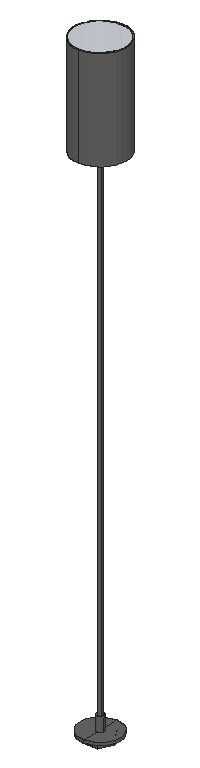
Revit family "LTC-6RDW-CM", category Lighting Fixtures, host Face, Revit 2017
Family settings
  Host = Face
  Round Connector Dimension = Use Diameter
  Part Type = Normal
  OmniClass Number = 23.80.70.11.14.11
  OmniClass Title = Downlights
  Cut with Voids When Loaded = No
  Light Source = Yes
  Shared = No
  Room Calculation Point = No
Parameters (values of type "LTC-6RDW-CM")
  Wattage Comments = ""
  Wattage = 70 W
  Warranty = "• 5 year warranty\r\n• See HLI Standard Warranty for\r\nadditional information"  # constant formula
  built-in parameter 1150110 = 1 (stored number, unit not read)
  Voltage = 120 V
  built-in parameter 1114217 = 1 (stored number, unit not read)
  Tilt Angle = -90.00°  # constant formula
  built-in parameter 1150109 = 1 (stored number, unit not read)
  built-in parameter 1150134 = 3
  built-in parameter 1150113 = 1 (stored number, unit not read)
  RMD = no
  Photometric Web File = "LTC-6RD-P-20L35K8MD-DM1-S-BL.ies"
  Features = "• 6inch architectural LED downlight and wall wash cylinder\r\ndelivering 600 - 7000 lm\r\n• 4 beam distributions from 0.3 to 1.1 Spacing Criteria\r\n• Quiet reflector appearance with 50º optical cutoff\r\n• 2700K - 5000K, 80+ and 90+ CRI options\r\n• Available in Surface, Wall, Pendant, or Cord Mount configurations\r\n• Variety of dimming protocol options including 0-10V, DALI, DMX,\r\nForward Phase and EcoSystem\r"  # constant formula
  Cord Height = 72.000"
  built-in parameter 1150105 = 389.93 (stored number, unit not read)
  Lumens = 4900 lm
  built-in parameter 1150115 = 1 (stored number, unit not read)
  built-in parameter 1150137 = (empty or 0)
  built-in parameter 1150139 = (empty or 0)
  built-in parameter 1150112 = 1 (stored number, unit not read)
  built-in parameter 1150114 = 1 (stored number, unit not read)
  built-in parameter 1150132 = (empty or 0)
  built-in parameter 1150102 = (empty or 0)
  built-in parameter 1150107 = 3200 (stored number, unit not read)
  built-in parameter 1150138 = (empty or 0)
  built-in parameter 1150106 = 3.8993 (stored number, unit not read)
  Emit from Circle Diameter = 6.000"  # constant formula
  Emit Shape Visible in Rendering = no
  built-in parameter 1150104 = 6.5032 (stored number, unit not read)
  Dimming Lamp Color Temperature Shift = <None>
  Copyright = "© 2021 Prescolite, a division of Hubbell Lighting, Inc"  # constant formula
  Contact us = "https://www.hubbell.com/prescolite/en/contactUs"
  Color Filter = 16777215
  Certifications = "• cCSAus certified to UL 1598\r\n• Wall Mount: Suitable for wet locations\r\n• Surface & Pendant Mount: Suitable for wet\r\nlocations under covered ceiling\r\n• Cord Mount and all Wall Wash: Suitable for\r\ndamp locations"  # constant formula
  Canopy height = 0.350"
  Canopy Diameter = 5.600"
  CM = yes
  built-in parameter 1114218 = 1 (stored number, unit not read)
  Ballast = Paint - Hubbell - Carbon Black
  URL = "http://www.prescolite.com/"
  Product Page URL = "https://www.hubbell.com/prescolite/en/Products/Lighting-Controls/Commercial-Indoor-Lighting/Cylinder/LITEISTRY-6-Round-Cylinder-DownlightWall-Wash/p/3775872"
  Product Documentation Link = "https://hubbellcdn.com/specsheet/LTC-6RDW.pdf"
  Model = "LTC-6RDW"  # constant formula
  Manufacturer = "Prescolite"  # constant formula
  Lamp = "LED Lamp"
  Reflector = Glass - Hubbell - Glass
  Description = "LITEISTRY™ 6inch Round Cylinder Downlight/Wall Wash"  # constant formula
  Default Elevation = 48.000"
  built-in parameter 1150133 = 10 (stored number, unit not read)
  Apparent Load = 72 VA  # constant formula
Types (5): name | RMD | Canopy height | Canopy Diameter | CM
  (no name) | no | 0.350" | 5.600" | yes
  LTC-6RDW-CMRMD | yes | 0.260" | 7.000" | no
  LTC-6RDW-CM | no | 0.350" | 5.600" | yes
  LTC-6RDW-CMCC | no | 3.000" | 7.500" | no
  LTC-6RDW-CMPC | no | 3.000" | 7.500" | yes
Reference planes (in)
  plane 1 "Center (Front/Back)": y = 0
  plane 2: z = 0
  plane 3 "Center (Left/Right)": x = 0
  plane 4: z = 72
  plane 5: z = 71.75
  plane 6: x = -1
  plane 7: x = 1
  plane 8: x = 3
  plane 9: x = -3
  plane 10: x = -2.75391
  plane 11: x = 2.75391
  plane 12: y = -2.8
  plane 13: y = 2.8
  plane 14: z = 0.35
  plane 15: z = 86
Forms (in)
  Revolve 1, solid, material "Paint - Hubbell - Carbon Black" <- "Ballast"
    sketch origin (0, 0, -5.91673) x (1, 0, 0) y (0, 0, 1)
      loop
        line (-0.5, 6.26673) -> (0, 6.26673) -> (0, 77.91673) -> (-0.38833, 77.91673) -> (-0.38833, 77.66673) -> (-0.25, 77.66673) -> (-0.25, 8.13387) -> (-0.5, 8.13387) -> (-0.5, 6.26673)
      axis (0, 77.91673) -> (0, 6.26673)
    angle from 0 to 360
  Revolve 2, solid, material "Paint - Hubbell - Carbon Black" <- "Ballast", visible <- "RMD"
    sketch origin (0, 0, 0) x (1, 0, 0) y (0, 0, 1)
      loop
        line (0, -6) -> (0, 0.00055) -> (-2.5, 0.00055) -> (-2.5, -0.43712)
        arc (-2.5, -0.43712) -> (-2.48175, -0.48119) -> (-2.43767, -0.49945) r 0.06233
        line (-2.43767, -0.49945) -> (-2.30081, -0.49945)
        arc (-2.30081, -0.49945) -> (-2.26488, -0.51433) -> (-2.25, -0.55026) r 0.05081
        line (-2.25, -0.55026) -> (-2.25, -4.55877)
        arc (-2.25, -4.55877) -> (-2.2306, -4.6056) -> (-2.18377, -4.625) r 0.06623
        line (-2.18377, -4.625) -> (-2.03463, -4.625)
        arc (-2.03463, -4.625) -> (-2.01014, -4.63514) -> (-2, -4.65963) r 0.03463
        line (-2, -4.65963) -> (-2, -5.88059)
        arc (-2, -5.88059) -> (-1.96503, -5.96503) -> (-1.88059, -6) r 0.11941
        line (-1.88059, -6) -> (0, -6)
      axis (0, 0.00055) -> (0, -6)
    angle from 0 to 360
  Revolve 3, solid, material "Paint - Hubbell - Carbon Black" <- "Ballast"
    sketch origin (0, 0, 0) x (0, 1, 0) y (0, 0, 1)
      loop
        line (0, 0) -> (0, 0.35) -> (-2.8, 0.35) -> (-2.8, 0) -> (0, 0)
      axis (0, 0.35) -> (0, 0)
    angle from 0 to 360
  Extrusion 4, solid, material "Paint - Hubbell - Carbon Black" <- "Ballast", visible <- "CM"
    sketch origin (7.83986, -180, 7.93836) x (-1, 0, 0) y (0, -1, 0)
      loop
        line (8.85023, -181.75) -> (9.86059, -180) -> (8.85023, -178.25) -> (6.8295, -178.25) -> (5.81914, -180) -> (6.8295, -181.75) -> (8.85023, -181.75)
    from -8.75868 to -7.93836
Dimensions and locks (in)
  "Cord Height": plane 4 to host face
  locked: plane 4 to plane 5 at 0.25
  plane 6 to plane 3 "Center (Left/Right)" to plane 7 = 1.000" locked, 1.000" locked
  host face to Revolve 2 sketch curve = 6.000"
  nested 1 to nested 1 = 7.33984"
  nested 1 to plane 4 = 14.000"
  "Canopy Diameter": plane 13 to plane 12
  equal spacing: plane 13, plane 1 "Center (Front/Back)", plane 12
  "Canopy height": plane 14 to plane 2
  locked: Revolve 1 sketch curve to Revolve 1 sketch curve at 1.86713
  locked: plane 15 to plane 4 at 14
  aligned and locked: plane 2 to host face
  aligned and locked: Revolve 1 sketch curve to plane 4
  aligned and locked: plane 5 to Revolve 1 sketch curve
  aligned and locked: plane 3 "Center (Left/Right)" to nested 1
  aligned and locked: nested 1 to plane 1 "Center (Front/Back)"
  aligned and locked: plane 3 "Center (Left/Right)" to imposter light
  aligned and locked: Revolve 3 sketch curve to plane 14
  aligned and locked: Revolve 3 sketch curve to plane 12
  aligned and locked: Revolve 3 sketch curve to plane 1 "Center (Front/Back)"
  aligned and locked: imposter light to plane 15
Automatic sketch dimensions
  host sketch curve to host sketch curve = 96.000"  (x2)
  Revolve 1 sketch curve to plane 3 "Center (Left/Right)" = 0.000"  (x2)
  Revolve 1 sketch curve to plane 3 "Center (Left/Right)" = 0.250"
  Revolve 1 sketch curve to Revolve 1 sketch curve = 0.13833"
  Revolve 1 sketch curve to Revolve 1 sketch curve = 0.250"
  Revolve 1 sketch curve to level = 13.75728"
  Revolve 1 sketch curve to Revolve 1 sketch curve = 7.74272"
  Revolve 2 sketch curve to plane 3 "Center (Left/Right)" = 0.000"  (x2)
  plane 10 to Revolve 2 sketch curve = 0.87332"
  Revolve 2 sketch curve to Revolve 2 sketch curve = 0.11941"
  Revolve 2 sketch curve to Revolve 2 sketch curve = 0.03463"
  Revolve 2 sketch curve to Revolve 2 sketch curve = 0.14914"
  Revolve 2 sketch curve to Revolve 2 sketch curve = 0.06623"
  Revolve 2 sketch curve to Revolve 2 sketch curve = 0.05081"
  Revolve 2 sketch curve to Revolve 2 sketch curve = 0.13687"
  level to Revolve 2 sketch curve = 0.00055"
  plane 10 to Revolve 2 sketch curve = 0.25391"
  Revolve 2 sketch curve to Revolve 2 sketch curve = 1.22096"
  Revolve 2 sketch curve to level = 0.55026"
  Revolve 2 sketch curve to Revolve 2 sketch curve = 17.63999"
  plane 4 to Revolve 2 sketch curve = 31.07883"
  Revolve 3 sketch curve to plane 1 "Center (Front/Back)" = 0.000"
  Revolve 3 sketch curve to level = 24.000"
  plane 4 to Revolve 3 sketch curve = 20.27586"
  Revolve 3 sketch curve to level = 0.000"
  Revolve 1 sketch curve to plane 14 = 0.000"
  plane 1 "Center (Front/Back)" to Extrusion 4 sketch curve = 0.000"  (x2)
  plane 7 to Extrusion 4 sketch curve = 1.02073"
  plane 7 to Extrusion 4 sketch curve = 0.01036"  (x2)
  Extrusion 4 sketch curve to plane 6 = 0.01036"  (x2)
  Extrusion 4 sketch curve to plane 6 = 1.02073"
  plane 13 to Extrusion 4 sketch curve = 1.050"
  Extrusion 4 sketch curve to plane 12 = 1.050"
Nested families (in)
  nested 1: "LTC" at (0, 0, 72) x (0, 1, 0) z (0, 0, 1), Ballast <- "Ballast", Reflector <- "Reflector", type "6"
    with Reflector Glass - Hubbell - Glass, Ballast Paint - Hubbell - Carbon Black
Connectors (in)
  electrical at (0, 0, 0), driven by "Description", driven by "Voltage", driven by "Apparent Load"
    settings: index 1, voltage 120 V, apparent load 72 VA, apparent load phase1 0 VA, apparent load phase2 0 VA, apparent load phase3 0 VA, power factor 1, load classification "Other", number of poles 1, system type 30, power factor state 1, is connector primary yes, connector utility no, sub classification motor no, connector description "LITEISTRY™ 6inch Round Cylinder Downlight/Wall Wash"
Definition of nested family "LTC"
  Parameters
    Width = 7.33984"
    Wattage Comments = ""
    Lamp = ""
    Ballast [instance] = none
    URL = ""
    Product Page URL = ""
    Product Documentation Link = ""
    Model = ""
    Manufacturer Phone = ""
    Manufacturer Fax = ""
    Manufacturer = "Prescolite"
    Reflector [instance] = none
    Description = ""
    Default Elevation = 48.000"
  Reference planes (in)
    plane 1 "Center (Front/Back)": y = 0
    plane 2: z = 0
    plane 3 "Center (Left/Right)": x = 0
    plane 4: y = 7.75
    plane 5: y = -7.75
    plane 6: x = -3.66992
    plane 7: x = 3.66992
    plane 8: z = 14
    plane 9: z = 0.125
    plane 10: x = 3.54492
    plane 11: z = 13.875
  Forms (in)
    Extrusion 1, solid
      sketch origin (0, 0, 0) x (1, 0, 0) y (0, 1, 0)
        loop
          line (-48, 48) -> (-48, -48) -> (48, -48) -> (48, 48) -> (-48, 48)
      from 0 to -6
    Extrusion 2, solid, material <- "Reflector"
      sketch origin (0, 0, 30.25) x (1, 0, 0) y (0, 1, 0)
        loop
          circle (0, 0) r 3.54492
      from -16.25 to -16.375
    Revolve 3, solid, material <- "Ballast"
      sketch origin (0, 0, -1.25) x (1, 0, 0) y (0, 0, 1)
        loop
          line (3.66992, 15.25) -> (3.54492, 15.25) -> (3.54492, 1.375) -> (0, 1.375) -> (0, 1.25) -> (3.66992, 1.25) -> (3.66992, 15.25)
        axis (0, 15.25) -> (0, 1.25)
      angle from 0 to 360
  Dimensions and locks (in)
    locked: plane 4 to plane 1 "Center (Front/Back)" at 7.75
    locked: plane 5 to plane 1 "Center (Front/Back)" at 7.75
    "Width": plane 7 to plane 6
    plane 8 to Extrusion 1 = 14.000"
    locked: plane 8 to plane 11 at 0.125
    locked: plane 7 to plane 10 at 0.125
    equal spacing: plane 7, plane 3 "Center (Left/Right)", plane 6
    locked: plane 9 to Extrusion 1 at 0.125
    aligned and locked: plane 2 to Extrusion 1
    aligned and locked: Revolve 3 sketch curve to plane 3 "Center (Left/Right)"
    aligned and locked: plane 8 to Revolve 3 sketch curve
    aligned and locked: plane 9 to Revolve 3 sketch curve
    aligned and locked: Revolve 3 to Extrusion 2
    aligned and locked: Extrusion 2 to plane 11
    aligned and locked: Extrusion 2 sketch curve to Revolve 3
    aligned and locked: Revolve 3 sketch curve to plane 10
    aligned and locked: Revolve 3 sketch curve to plane 7
  Automatic sketch dimensions
    Extrusion 1 sketch curve to Extrusion 1 sketch curve = 96.000"  (x2)
    Revolve 3 sketch curve to plane 3 "Center (Left/Right)" = 0.000"
    Revolve 3 sketch curve to level = 10.000"
    Revolve 3 sketch curve to Revolve 3 sketch curve = 8.000"
    Revolve 3 sketch curve to plane 9 = 0.125"
